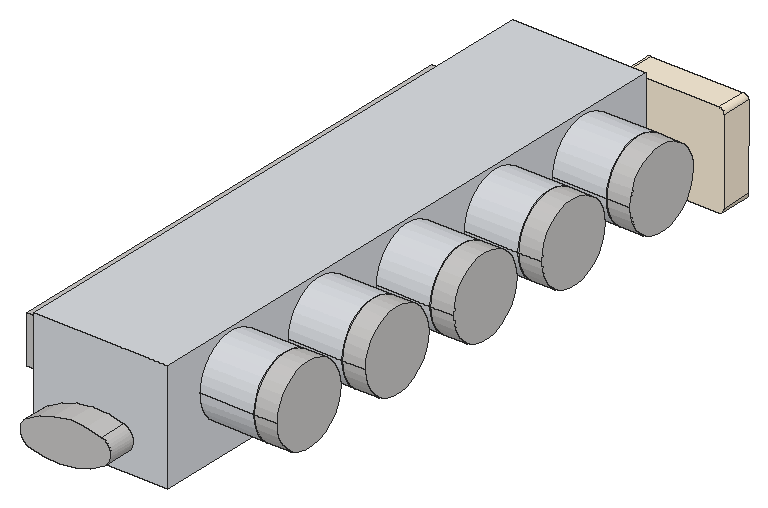
Revit family "HVAC_Ductwork_Airzone_Motorized-Plenum_Haier_Low-Profile_5-Dampers", category Mechanical Equipment, Revit 2016
Family settings
  Part Type = Normal
  Round Connector Dimension = Use Diameter
  OmniClass Number = 23.75.70.14
  OmniClass Title = Air Ductwork
  Work Plane-Based = No
  Always vertical = Yes
  Cut with Voids When Loaded = No
  Shared = No
  Room Calculation Point = No
Parameters (values of type "HAISL01L5")
  Voltage = 230 V
  URL = "www.airzone.es"
  Type Image Comments = "Image available in product documentation download"  # constant formula
  Revit Model Version = "1.0"  # constant formula
  Revit Model Author URL = "www.a3d.es"
  Revit Model Author = "A3D Consulting"  # constant formula
  Product Documentation Download URL = "http://doc.airzone.es/BIM/Easyzone/Haier-Airzone_motorized_plenum.zip"
  Product Comments = "Refer to technical documentation for further details"  # constant formula
  Power Factor = 1
  Neck Width = 965.200 mm
  Neck Length = 40.000 mm
  Neck Height = 90.000 mm
  Material = Metal - AIRZONE - Galvanized Sheet - Semi-polished
  Main Control Board Material = Plastic - AIRZONE - Smooth - Off-white
  Load Classification = Other
  Insulated Body Width = 255.000 mm  # constant formula
  Insulated Body Material = Metal -AIRZONE - Insulating Lining -Aluminum Finish
  Insulated Body Length = 1140.000 mm  # constant formula
  Insulated Body Height = 210.000 mm  # constant formula
  Flow [instance] = Damper 5 Air Flow + Damper 4 Air Flow + Damper 3 Air Flow + Damper 2 Air Flow + Damper 1 Air Flow - Fresh Air Inlet 2 Flow - Fresh Air Inlet 1 Flow  # 1500 m³/h
  Fresh Air Inlet 1 Flow [instance] = 0 m³/h
  Fresh Air Inlet 2 Flow [instance] = 0 m³/h
  Fresh Air Inlet Connection Width = 175.000 mm
  Fresh Air Inlet Connection Height = 75.000 mm
  Model = "HAISL01L5"
  Neck Side Offset = 143.100 mm
  Neck Bottom Offset = 92.400 mm
  Type Image = <None>
  Manufacturer = "AIRZONE"  # constant formula
  Main Control Board Depth = 57.000 mm  # constant formula
  Main Control Board Width = 195.000 mm  # constant formula
  Main Control Board Height = 180.000 mm  # constant formula
  Fixing = ""
  Disclaimer = "All information provided in this model is reviewed before being published. However, Airzone cannot guarantee this model is error-free, therefore users are strongly encouraged to check for technical documentation and updates"  # constant formula
  Description = "Airzone low profile motorized plenum with neck that mechanically adapts to the main ducted AC units of Haier."
  Type Comments = ""
  Dampers Length = 149.000 mm  # constant formula
  Dampers Diameter = 150.000 mm  # constant formula
  Damper 5 Air Flow [instance] = 300 m³/h
  Damper 4 Air Flow [instance] = 300 m³/h
  Damper 1 Air Flow [instance] = 300 m³/h
  Damper 2 Air Flow [instance] = 300 m³/h
  Damper 3 Air Flow [instance] = 300 m³/h
  Fresh Air Inlet Connection Offset Height = 48.305 mm  # constant formula
  Compatible Accesories = ""
  Apparent Load = 57.5 VA
Reference planes
  plane 1 "Center (Front/Back)": y = 0
  plane 2 "Center (Elevation)": z = 0
  plane 3 "Center (Left/Right)": x = 0
  plane 4 "Neck Back": y = 482.6
  plane 5 "Neck Front": y = -482.6
  plane 6 "Neck Top": z = 45
  plane 7 "Neck Bottom": z = -45
  plane 8 "Left": x = 40
  plane 9 "Bottom": z = -137.4
  plane 10 "Top": z = 72.6
  plane 11 "Front": y = -514.3
  plane 12 "Back": y = 625.7
  plane 13 "Right": x = 295
  plane 14 "Dampers Front": x = 444
  plane 15 "Dampers Center (Elevation)": z = -7.4
  plane 16 "Damper3": y = 55.7
  plane 17 "Damper2": y = 265.7
  plane 18 "Damper1": y = 475.7
  plane 19 "Middle": y = 55.7
  plane 20 "FreshAir Center (Elevation)": z = -89.095
  plane 21 "FreshAir1": y = 678.2
  plane 22 "FreshAir2": y = -566.8
  plane 23 "Dampers Lining": x = 399
  plane 24 "FreshAir Vertical Axis": x = 142.04
  plane 25 "ConnectionBox Side": x = 249
  plane 26 "Main Control Board Center (Left/Right)": x = 346.5
  plane 27 "Damper4": y = -154.3
  plane 28 "Damper5": y = -364.3
Forms (mm)
  Extrusion 1, solid, material "Metal - AIRZONE - Galvanized Sheet - Semi-polished" <- "Material"
    sketch origin (0, 0, 0) x (0, 1, 0) y (0, 0, 1)
      loop
        line (-482.6, 45) -> (-482.6, -45) -> (482.6, -45) -> (482.6, 45) -> (-482.6, 45)
    from 0 to 40
  Extrusion 2, solid, material "Metal -AIRZONE - Insulating Lining -Aluminum Finish" <- "Insulated Body Material"
    sketch origin (40, 0, 0) x (0, 1, 0) y (0, 0, 1)
      loop
        line (-514.3, 72.6) -> (-514.3, -137.4) -> (625.7, -137.4) -> (625.7, 72.6) -> (-514.3, 72.6)
    from 0 to 255
  Extrusion 3, solid, material "Metal - AIRZONE - Galvanized Sheet - Semi-polished" <- "Material"
    sketch origin (295, 0, 0) x (0, 1, 0) y (0, 0, 1)
      loop
        circle (55.7, -7.4) r 75
    from 104 to 149
  Extrusion 4, solid, material "Metal - AIRZONE - Galvanized Sheet - Semi-polished" <- "Material"
    sketch origin (295, 0, 0) x (0, 1, 0) y (0, 0, 1)
      loop
        circle (265.7, -7.4) r 75
    from 104 to 149
  Extrusion 5, solid, material "Metal - AIRZONE - Galvanized Sheet - Semi-polished" <- "Material"
    sketch origin (295, 0, 0) x (0, 1, 0) y (0, 0, 1)
      loop
        circle (475.7, -7.4) r 75
    from 104 to 149
  Extrusion 6, solid, material "Metal - AIRZONE - Galvanized Sheet - Semi-polished" <- "Material"
    sketch origin (0, -514.3, 0) x (0, 0, 1) y (1, 0, 0)
      loop
        arc (-56.541, 211.414) -> (-78.008, 228.315) -> (-102.712, 216.644) r 25.96
        arc (-102.712, 216.644) -> (-128.702, 146.808) -> (-121.249, 72.666) r 164.67
        arc (-121.249, 72.666) -> (-100.065, 55.799) -> (-75.394, 66.961) r 25.96
        arc (-75.394, 66.961) -> (-49.125, 136.99) -> (-56.541, 211.414) r 164.67
    from 0 to -52.5
  Extrusion 7, solid, material "Metal - AIRZONE - Galvanized Sheet - Semi-polished" <- "Material"
    sketch origin (0, 625.7, 0) x (0, 0, 1) y (1, 0, 0)
      loop
        arc (-56.541, 211.414) -> (-77.725, 228.281) -> (-102.396, 217.119) r 25.96
        arc (-102.396, 217.119) -> (-128.579, 147.74) -> (-121.667, 73.909) r 164.67
        arc (-121.667, 73.909) -> (-100.432, 55.847) -> (-75.078, 67.436) r 25.96
        arc (-75.078, 67.436) -> (-49.088, 137.272) -> (-56.541, 211.414) r 164.67
    from 0 to 52.5
  Extrusion 8, solid, material "Metal -AIRZONE - Insulating Lining -Aluminum Finish" <- "Insulated Body Material"
    sketch origin (295, 0, 0) x (0, 1, 0) y (0, 0, 1)
      loop
        circle (475.7, -7.4) r 75
    from 0 to 104
  Extrusion 9, solid, material "Metal -AIRZONE - Insulating Lining -Aluminum Finish" <- "Insulated Body Material"
    sketch origin (295, -260, 0) x (0, 1, 0) y (0, 0, 1)
      loop
        circle (525.7, -7.4) r 75
    from 0 to 104
  Extrusion 10, solid, material "Metal -AIRZONE - Insulating Lining -Aluminum Finish" <- "Insulated Body Material"
    sketch origin (295, -520, 0) x (0, 1, 0) y (0, 0, 1)
      loop
        circle (575.7, -7.4) r 75
    from 0 to 104
  Extrusion 11, solid, material "Metal - AIRZONE - Galvanized Sheet - Semi-polished" <- "Material"
    sketch origin (295, -190, 0) x (0, 1, 0) y (0, 0, 1)
      loop
        circle (35.7, -7.4) r 75
    from 104 to 149
  Extrusion 12, solid, material "Metal -AIRZONE - Insulating Lining -Aluminum Finish" <- "Insulated Body Material"
    sketch origin (295, -710, 0) x (0, 1, 0) y (0, 0, 1)
      loop
        circle (555.7, -7.4) r 75
    from 0 to 104
  Extrusion 13, solid, material "Metal -AIRZONE - Insulating Lining -Aluminum Finish" <- "Insulated Body Material"
    sketch origin (295, -970, 0) x (0, 1, 0) y (0, 0, 1)
      loop
        circle (605.7, -7.4) r 75
    from 0 to 104
  Extrusion 14, solid, material "Metal - AIRZONE - Galvanized Sheet - Semi-polished" <- "Material"
    sketch origin (295, -450, 0) x (0, 1, 0) y (0, 0, 1)
      loop
        circle (85.7, -7.4) r 75
    from 104 to 149
Lines and regions (mm)
  Masking region 1
    outline origin (0, 0, 0) x (1, 0, 0) y (0, 1, 0)
      loop
        line (40, 625.7) -> (40, -514.3) -> (295, -514.3) -> (295, 625.7) -> (40, 625.7)
  Masking region 2, detail levels medium+fine
    outline origin (0, 0, 0) x (1, 0, 0) y (0, 1, 0)
      loop
        line (0, 482.6) -> (0, -482.6) -> (40, -482.6) -> (40, 482.6) -> (0, 482.6)
  Masking region 3, detail levels medium+fine
    outline origin (0, 0, 0) x (1, 0, 0) y (0, 1, 0)
      loop
        line (295, 130.7) -> (295, -19.3) -> (444, -19.3) -> (444, 130.7) -> (295, 130.7)
  Masking region 4, detail levels medium+fine
    outline origin (0, 260, 0) x (1, 0, 0) y (0, 1, 0)
      loop
        line (295, 80.7) -> (295, -69.3) -> (444, -69.3) -> (444, 80.7) -> (295, 80.7)
  Masking region 5, detail levels medium+fine
    outline origin (0, 520, 0) x (1, 0, 0) y (0, 1, 0)
      loop
        line (295, 30.7) -> (295, -119.3) -> (444, -119.3) -> (444, 30.7) -> (295, 30.7)
  Masking region 6, detail levels medium+fine
    outline origin (0, 0, -89.095) x (1, 0, 0) y (0, 1, 0)
      loop
        line (54.54, 678.2) -> (54.54, 625.7) -> (229.54, 625.7) -> (229.54, 678.2) -> (54.54, 678.2)
  Masking region 7, detail levels medium+fine
    outline origin (0, 0, -89.095) x (1, 0, 0) y (0, 1, 0)
      loop
        line (54.54, -514.3) -> (54.54, -566.8) -> (229.54, -566.8) -> (229.54, -514.3) -> (54.54, -514.3)
  Masking region 8, detail levels medium+fine
    outline origin (0, 0, 72.6) x (0, -1, 0) y (1, 0, 0)
      loop
        line (-682.7, 249) -> (-625.7, 249) -> (-625.7, 444) -> (-682.7, 444) -> (-682.7, 249)
  Masking region 9, detail levels medium+fine
    outline origin (0, -190, 0) x (1, 0, 0) y (0, 1, 0)
      loop
        line (295, 110.7) -> (295, -39.3) -> (444, -39.3) -> (444, 110.7) -> (295, 110.7)
  Masking region 10, detail levels medium+fine
    outline origin (0, -450, 0) x (1, 0, 0) y (0, 1, 0)
      loop
        line (295, 160.7) -> (295, 10.7) -> (444, 10.7) -> (444, 160.7) -> (295, 160.7)
  symbolic lines, detail levels coarse
    curve 1: line (40, -514.3, 0) -> (295, 55.7, 0)
    curve 2: line (295, 55.7, 0) -> (40, 625.7, 0)
Dimensions and locks
  equal spacing: plane 4 "Neck Back", plane 1 "Center (Front/Back)", plane 5 "Neck Front"
  "Neck Width": plane 4 "Neck Back" to plane 5 "Neck Front"
  equal spacing: plane 6 "Neck Top", level, plane 7 "Neck Bottom"
  "Neck Height": plane 6 "Neck Top" to plane 7 "Neck Bottom"
  "Neck Length": plane 3 "Center (Left/Right)" to plane 8 "Left"
  "Neck Bottom Offset": plane 7 "Neck Bottom" to plane 9 "Bottom"
  "Insulated Body Height": plane 10 "Top" to plane 9 "Bottom"
  "Insulated Body Length": plane 12 "Back" to plane 11 "Front"
  "Insulated Body Width": plane 8 "Left" to plane 13 "Right"
  "Dampers Length": plane 13 "Right" to plane 14 "Dampers Front"
  equal spacing: plane 12 "Back", plane 19 "Middle", plane 11 "Front"
  plane 8 "Left" to plane 13 "Right" = 255.000 mm
  "Fresh Air Inlet Connection Offset Height": plane 20 "FreshAir Center (Elevation)" to plane 9 "Bottom"
  locked: Extrusion 6 sketch curve to plane 9 "Bottom" at 56.47
  locked: Extrusion 6 sketch curve to plane 8 "Left" at 162.52
  locked: Extrusion 6 sketch curve to plane 8 "Left" at 41.56
  locked: Extrusion 6 sketch curve to plane 9 "Bottom" at 40.54
  locked: Extrusion 6 sketch curve to plane 8 "Left" at 118.3
  locked: plane 9 "Bottom" to Extrusion 6 sketch curve at 75.01
  locked: Extrusion 6 sketch curve to plane 8 "Left" at 85.78
  locked: Extrusion 6 sketch curve to plane 9 "Bottom" at 172.02
  locked: Extrusion 7 sketch curve to plane 8 "Left" at 162.52
  locked: Extrusion 7 sketch curve to plane 9 "Bottom" at 56.47
  locked: Extrusion 7 sketch curve to plane 9 "Bottom" at 40.54
  locked: Extrusion 7 sketch curve to plane 8 "Left" at 41.56
  locked: Extrusion 7 sketch curve to plane 8 "Left" at 85.78
  locked: Extrusion 7 sketch curve to plane 9 "Bottom" at 172.02
  locked: plane 9 "Bottom" to Extrusion 7 sketch curve at 75.01
  locked: Extrusion 7 sketch curve to plane 8 "Left" at 118.3
  "Neck Side Offset": plane 12 "Back" to plane 4 "Neck Back"
  locked: plane 21 "FreshAir1" to plane 12 "Back" at 52.5
  plane 11 "Front" to plane 22 "FreshAir2" = 52.500 mm
  locked: plane 24 "FreshAir Vertical Axis" to connector elem
  locked: plane 20 "FreshAir Center (Elevation)" to connector elem
  locked: connector elem to plane 24 "FreshAir Vertical Axis"
  locked: connector elem to plane 20 "FreshAir Center (Elevation)"
  locked: plane 23 "Dampers Lining" to plane 14 "Dampers Front" at 45
  locked: plane 8 "Left" to plane 24 "FreshAir Vertical Axis" at 102.04
  equal spacing: Masking region 3 sketch curve, plane 16 "Damper3", Masking region 3 sketch curve
  "Dampers Diameter": Masking region 3 sketch curve to Masking region 3 sketch curve
  "Dampers Diameter": Masking region 4 sketch curve to Masking region 4 sketch curve
  equal spacing: Masking region 5 sketch curve, plane 18 "Damper1", Masking region 5 sketch curve
  "Dampers Diameter": Masking region 5 sketch curve to Masking region 5 sketch curve
  equal spacing: Masking region 6 sketch curve, plane 24 "FreshAir Vertical Axis", Masking region 6 sketch curve
  "Fresh Air Inlet Connection Width": Masking region 6 sketch curve to Masking region 6 sketch curve
  equal spacing: Masking region 7 sketch curve, plane 24 "FreshAir Vertical Axis", Masking region 7 sketch curve
  "Fresh Air Inlet Connection Width": Masking region 7 sketch curve to Masking region 7 sketch curve
  "Main Control Board Depth": Masking region 8 sketch curve to plane 12 "Back"
  "Main Control Board Width": plane 25 "ConnectionBox Side" to plane 14 "Dampers Front"
  equal spacing: plane 25 "ConnectionBox Side", plane 26 "Main Control Board Center (Left/Right)", plane 14 "Dampers Front"
  locked: nested 1 to plane 10 "Top" at 10
  equal spacing: Masking region 4 sketch curve, plane 17 "Damper2", Masking region 4 sketch curve
  equal spacing: Masking region 9 sketch curve, plane 27 "Damper4", Masking region 9 sketch curve
  "Dampers Diameter": Masking region 9 sketch curve to Masking region 9 sketch curve
  plane 18 "Damper1" to plane 17 "Damper2" to plane 16 "Damper3" to plane 27 "Damper4" to plane 28 "Damper5" = 210.000 mm locked, 210.000 mm locked, 210.000 mm locked, 210.000 mm locked
  locked: plane 19 "Middle" to plane 16 "Damper3"
  equal spacing: Masking region 10 sketch curve, plane 28 "Damper5", Masking region 10 sketch curve
  "Dampers Diameter": Masking region 10 sketch curve to Masking region 10 sketch curve
  locked: plane 10 "Top" to plane 15 "Dampers Center (Elevation)" at 80
  "Dampers Diameter": diameter of Extrusion 3 sketch curve
  "Dampers Diameter": diameter of Extrusion 4 sketch curve
  "Dampers Diameter": diameter of Extrusion 5 sketch curve
  radius of Extrusion 7 sketch curve = 164.670 mm  (x2)
  radius of Extrusion 7 sketch curve = 25.960 mm  (x2)
  radius of Extrusion 6 sketch curve = 164.670 mm  (x2)
  radius of Extrusion 6 sketch curve = 25.960 mm  (x2)
  "Dampers Diameter": diameter of Extrusion 8 sketch curve
  "Dampers Diameter": diameter of Extrusion 9 sketch curve
  "Dampers Diameter": diameter of Extrusion 10 sketch curve
  "Dampers Diameter": diameter of Extrusion 11 sketch curve
  "Dampers Diameter": diameter of Extrusion 12 sketch curve
  "Dampers Diameter": diameter of Extrusion 13 sketch curve
  "Dampers Diameter": diameter of Extrusion 14 sketch curve
  aligned and locked: level to plane 2 "Center (Elevation)"
  aligned and locked: plane 5 "Neck Front" to Extrusion 1 sketch curve
  aligned and locked: Extrusion 1 sketch curve to plane 6 "Neck Top"
  aligned and locked: Extrusion 1 sketch curve to plane 4 "Neck Back"
  aligned and locked: plane 7 "Neck Bottom" to Extrusion 1 sketch curve
  aligned and locked: Extrusion 1 to plane 3 "Center (Left/Right)"
  aligned and locked: Extrusion 2 sketch curve to plane 10 "Top"
  aligned and locked: Extrusion 2 sketch curve to plane 12 "Back"
  aligned and locked: plane 9 "Bottom" to Extrusion 2 sketch curve
  aligned and locked: plane 11 "Front" to Extrusion 2 sketch curve
  aligned and locked: plane 13 "Right" to Extrusion 2
  aligned and locked: Extrusion 2 to plane 8 "Left"
  aligned and locked: plane 16 "Damper3" to Extrusion 3 sketch curve
  aligned and locked: plane 15 "Dampers Center (Elevation)" to Extrusion 3 sketch curve
  aligned and locked: plane 15 "Dampers Center (Elevation)" to Extrusion 4 sketch curve
  aligned and locked: plane 18 "Damper1" to Extrusion 5 sketch curve
  aligned and locked: plane 15 "Dampers Center (Elevation)" to Extrusion 5 sketch curve
  aligned and locked: plane 14 "Dampers Front" to Extrusion 5
  aligned and locked: plane 14 "Dampers Front" to Extrusion 4
  aligned and locked: plane 14 "Dampers Front" to Extrusion 3
  aligned and locked: plane 8 "Left" to Extrusion 1
  aligned and locked: plane 22 "FreshAir2" to Extrusion 6
  aligned and locked: plane 21 "FreshAir1" to Extrusion 7
  aligned and locked: Extrusion 7 to plane 12 "Back"
  aligned and locked: plane 11 "Front" to Extrusion 6
  aligned and locked: Extrusion 5 to plane 23 "Dampers Lining"
  aligned and locked: Extrusion 5 to Extrusion 4
  aligned and locked: Extrusion 4 to Extrusion 3
  aligned and locked: plane 23 "Dampers Lining" to Extrusion 8
  aligned and locked: Extrusion 10 to plane 13 "Right"
  aligned and locked: plane 23 "Dampers Lining" to Extrusion 10
  aligned and locked: Extrusion 9 to plane 13 "Right"
  aligned and locked: plane 23 "Dampers Lining" to Extrusion 9
  aligned and locked: Extrusion 8 to plane 13 "Right"
  aligned and locked: Extrusion 9 to Extrusion 8
  aligned and locked: plane 18 "Damper1" to Extrusion 8 sketch curve
  aligned and locked: plane 15 "Dampers Center (Elevation)" to Extrusion 8 sketch curve
  aligned and locked: plane 15 "Dampers Center (Elevation)" to Extrusion 9 sketch curve
  aligned and locked: plane 16 "Damper3" to Extrusion 10 sketch curve
  aligned and locked: plane 15 "Dampers Center (Elevation)" to Extrusion 10 sketch curve
  aligned and locked: Masking region 1 sketch curve to plane 12 "Back"
  aligned and locked: plane 8 "Left" to Masking region 1 sketch curve
  aligned and locked: Masking region 1 sketch curve to plane 13 "Right"
  aligned and locked: plane 11 "Front" to Masking region 1 sketch curve
  aligned and locked: plane 5 "Neck Front" to Masking region 2 sketch curve
  aligned and locked: plane 3 "Center (Left/Right)" to Masking region 2 sketch curve
  aligned and locked: Masking region 2 sketch curve to plane 4 "Neck Back"
  aligned and locked: Masking region 2 sketch curve to plane 8 "Left"
  aligned and locked: plane 13 "Right" to Masking region 3 sketch curve
  aligned and locked: Masking region 3 sketch curve to plane 14 "Dampers Front"
  aligned and locked: plane 13 "Right" to Masking region 4 sketch curve
  aligned and locked: Masking region 4 sketch curve to plane 14 "Dampers Front"
  aligned and locked: plane 13 "Right" to Masking region 5 sketch curve
  aligned and locked: Masking region 5 sketch curve to plane 14 "Dampers Front"
  aligned and locked: plane 12 "Back" to Masking region 6 sketch curve
  aligned and locked: Masking region 6 sketch curve to plane 21 "FreshAir1"
  aligned and locked: Masking region 7 sketch curve to plane 11 "Front"
  aligned and locked: Masking region 7 sketch curve to plane 22 "FreshAir2"
  aligned and locked: plane 12 "Back" to Masking region 8 sketch curve
  aligned and locked: Masking region 8 sketch curve to plane 14 "Dampers Front"
  aligned and locked: plane 25 "ConnectionBox Side" to Masking region 8 sketch curve
  aligned and locked: plane 17 "Damper2" to Extrusion 9 sketch curve
  aligned and locked: plane 17 "Damper2" to Extrusion 4 sketch curve
  aligned and locked: Masking region 9 sketch curve to plane 14 "Dampers Front"
  aligned and locked: plane 13 "Right" to Masking region 9 sketch curve
  aligned and locked: Extrusion 12 to plane 13 "Right"
  aligned and locked: plane 23 "Dampers Lining" to Extrusion 12
  aligned and locked: Extrusion 11 to plane 23 "Dampers Lining"
  aligned and locked: plane 14 "Dampers Front" to Extrusion 11
  aligned and locked: plane 15 "Dampers Center (Elevation)" to Extrusion 12 sketch curve
  aligned and locked: plane 27 "Damper4" to Extrusion 12 sketch curve
  aligned and locked: plane 15 "Dampers Center (Elevation)" to Extrusion 11 sketch curve
  aligned and locked: plane 27 "Damper4" to Extrusion 11 sketch curve
  aligned and locked: Masking region 10 sketch curve to plane 14 "Dampers Front"
  aligned and locked: plane 13 "Right" to Masking region 10 sketch curve
  aligned and locked: plane 28 "Damper5" to Extrusion 13 sketch curve
  aligned and locked: plane 15 "Dampers Center (Elevation)" to Extrusion 13 sketch curve
  aligned and locked: Extrusion 14 to plane 23 "Dampers Lining"
  aligned and locked: plane 14 "Dampers Front" to Extrusion 14
  aligned and locked: plane 15 "Dampers Center (Elevation)" to Extrusion 14 sketch curve
  aligned and locked: plane 28 "Damper5" to Extrusion 14 sketch curve
  aligned and locked: nested 1 to plane 26 "Main Control Board Center (Left/Right)"
Automatic sketch dimensions
  curve 2 to plane 8 "Left" = 0.000 mm
  curve 1 to plane 8 "Left" = 0.000 mm
  curve 2 to plane 13 "Right" = 0.000 mm
  curve 1 to plane 11 "Front" = 0.000 mm
  curve 2 to plane 16 "Damper3" = 0.000 mm
  curve 2 to plane 12 "Back" = 0.000 mm
Nested families
  nested 1: "Airzone_Main-Control-Board" at (346.5, 625.7, -27.4) x (-1, 0, 0) z (0, 1, 0), Extrusion <- "Main Control Board Depth", Height <- "Main Control Board Height", Width <- "Main Control Board Width", Material <- "Main Control Board Material", type "Standard"
    with Width 195.000 mm, Material Plastic - AIRZONE - Smooth - Off-white, Height 180.000 mm, Extrusion 57.000 mm
Connectors
  hvac at (444, 55.7, -7.4), driven by "Damper 3 Air Flow", driven by "Dampers Diameter"
    settings: on Extrusion 3, index 1, duct flow 300 m³/h, flow factor 0, pres drop 0.0 Pa, loss coef 0, conn angle 0.00°, conn width 304.8 mm, conn height 304.8 mm, conn diameter 150 mm, duct sys type 1, conn prof type 0, flow config 0, flow direction 2, loss method 0, conn ref index -1, conn util no, is conn primary no, conn desc "Supply Air Out 3"
  hvac at (444, 265.7, -7.4), driven by "Damper 2 Air Flow", driven by "Dampers Diameter"
    settings: on Extrusion 4, index 2, duct flow 300 m³/h, flow factor 0, pres drop 0.0 Pa, loss coef 0, conn angle 0.00°, conn width 304.8 mm, conn height 304.8 mm, conn diameter 150 mm, duct sys type 1, conn prof type 0, flow config 0, flow direction 2, loss method 0, conn ref index -1, conn util no, is conn primary no, conn desc "Supply Air Out 2"
  hvac at (444, 475.7, -7.4), driven by "Damper 1 Air Flow", driven by "Dampers Diameter"
    settings: on Extrusion 5, index 3, duct flow 300 m³/h, flow factor 0, pres drop 0.0 Pa, loss coef 0, conn angle 0.00°, conn width 304.8 mm, conn height 304.8 mm, conn diameter 150 mm, duct sys type 1, conn prof type 0, flow config 0, flow direction 2, loss method 0, conn ref index -1, conn util no, is conn primary no, conn desc "Supply Air Out 1"
  hvac at (0, 0, 0), driven by "Flow", driven by "Neck Height", driven by "Neck Width"
    settings: on Extrusion 1, index 6, duct flow 1500 m³/h, flow factor 0, pres drop 0.0 Pa, loss coef 0, conn angle 0.00°, conn width 965.2 mm, conn height 90 mm, conn diameter 609.6 mm, duct sys type 1, conn prof type 1, flow config 1, flow direction 1, loss method 0, conn ref index -1, conn util no, is conn primary yes, conn desc "Supply Air In"
  hvac at (142.04, -566.8, -89.095), driven by "Fresh Air Inlet 2 Flow", driven by "Fresh Air Inlet Connection Width", driven by "Fresh Air Inlet Connection Height"
    settings: index 7, duct flow 0 m³/h, flow factor 0, pres drop 0.0 Pa, loss coef 0, conn angle 0.00°, conn width 175 mm, conn height 75 mm, conn diameter 609.6 mm, duct sys type 1, conn prof type 2, flow config 1, flow direction 1, loss method 0, conn ref index -1, conn util no, is conn primary no, conn desc "Fresh Air In 2"
  hvac at (142.04, 678.2, -89.095), driven by "Fresh Air Inlet 1 Flow", driven by "Fresh Air Inlet Connection Height", driven by "Fresh Air Inlet Connection Width"
    settings: index 8, duct flow 0 m³/h, flow factor 0, pres drop 0.0 Pa, loss coef 0, conn angle 0.00°, conn width 175 mm, conn height 75 mm, conn diameter 609.6 mm, duct sys type 1, conn prof type 2, flow config 1, flow direction 1, loss method 0, conn ref index -1, conn util no, is conn primary no, conn desc "Fresh Air In 1"
  hvac at (444, -154.3, -7.4), driven by "Damper 4 Air Flow", driven by "Dampers Diameter"
    settings: on Extrusion 11, index 9, duct flow 300 m³/h, flow factor 0, pres drop 0.0 Pa, loss coef 0, conn angle 0.00°, conn width 304.8 mm, conn height 304.8 mm, conn diameter 150 mm, duct sys type 1, conn prof type 0, flow config 0, flow direction 2, loss method 0, conn ref index -1, conn util no, is conn primary no, conn desc "Supply Air Out 4"
  hvac at (444, -364.3, -7.4), driven by "Damper 5 Air Flow", driven by "Dampers Diameter"
    settings: on Extrusion 14, index 10, duct flow 300 m³/h, flow factor 0, pres drop 0.0 Pa, loss coef 0, conn angle 0.00°, conn width 304.8 mm, conn height 304.8 mm, conn diameter 150 mm, duct sys type 1, conn prof type 0, flow config 0, flow direction 2, loss method 0, conn ref index -1, conn util no, is conn primary no, conn desc "Supply Air Out 5"
  electrical at (346.5, 682.7, -27.4), driven by "Load Classification", driven by "Voltage", driven by "Apparent Load", driven by "Power Factor"
    settings: on nested 1, index 11, voltage 230 V, apparent load 57.5 VA, apparent load phase1 0 VA, apparent load phase2 0 VA, apparent load phase3 0 VA, power factor 1, load classification "Other", number of poles 1, system type 30, power factor state 1, is connector primary yes, connector utility no, sub classification motor no, connector description "Power Supply"
Definition of nested family "Airzone_Main-Control-Board"
  Parameters (values of type "Standard")
    Width [instance] = 195.000 mm
    URL = "www.airzone.es"
    Revit Model Version = "1.0"  # constant formula
    Revit Model Author URL = "www.a3d.es"
    Revit Model Author = "A3D Consulting"  # constant formula
    Material [instance] = none
    Manufacturer = "AIRZONE"  # constant formula
    Height [instance] = 180.000 mm
    Extrusion [instance] = 57.000 mm
    Default Elevation = 0.000 mm
  Reference planes
    plane 1 "Center (Front/Back)": y = 0
    plane 2: z = 0
    plane 3 "Center (Left/Right)": x = 0
    plane 4: y = 90
    plane 5: y = -90
    plane 6: x = 97.5
    plane 7: x = -97.5
  Forms (mm)
    Extrusion 1, solid, material <- "Material"
      sketch origin (0, 0, 0) x (1, 0, 0) y (0, 1, 0)
        loop
          arc (-87.5, 90) -> (-94.571, 87.071) -> (-97.5, 80) r 10
          line (-97.5, 80) -> (-97.5, -80)
          arc (-97.5, -80) -> (-94.571, -87.071) -> (-87.5, -90) r 10
          line (-87.5, -90) -> (87.5, -90)
          arc (87.5, -90) -> (94.571, -87.071) -> (97.5, -80) r 10
          line (97.5, -80) -> (97.5, 80)
          arc (97.5, 80) -> (94.571, 87.071) -> (87.5, 90) r 10
          line (87.5, 90) -> (-87.5, 90)
      from 0 to 57 <- "Extrusion"
  Dimensions and locks
    equal spacing: plane 7, plane 3 "Center (Left/Right)", plane 6
    equal spacing: plane 4, plane 1 "Center (Front/Back)", plane 5
    "Width": plane 7 to plane 6
    "Height": plane 4 to plane 5
    radius of Extrusion 1 sketch curve = 10.000 mm  (x4)
    aligned and locked: level to plane 2
    aligned and locked: plane 5 to Extrusion 1 sketch curve
    aligned and locked: Extrusion 1 sketch curve to plane 6
    aligned and locked: Extrusion 1 sketch curve to plane 4
    aligned and locked: plane 7 to Extrusion 1 sketch curve
